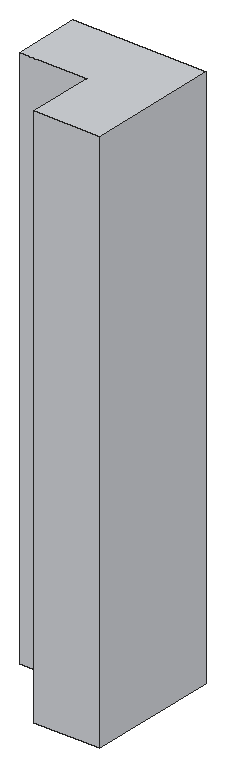
Revit family "Lprofile", category Structural Columns, Revit 2021
Family settings
  Section Shape = Not Defined
  Material for Model Behavior = Other
  Always export as geometry = No
  Beam cutback in plan = From bounding box
  OmniClass Number = 23.25.30.11.14.11
  OmniClass Title = Columns
  Cut with Voids When Loaded = No
  Symbolic Representation = From Family
  Shared = No
  Show family pre-cut in plan views = Yes
Parameters
  Visina [instance] = 2.069574 m
  Structural Material [instance] = none
  Ly2 [instance] = 0.25 m
  Ly1 [instance] = 0.25 m
  Lx 2 [instance] = 0.25 m
  Lx 1 [instance] = 0.25 m
  Lx [instance] = 0.50 m
  Depth = 0.50 m
  Width = 0.50 m
Reference planes (m)
  plane 1 "Center (Front/Back)": y = 0
  plane 2: z = 0
  plane 3 "Center (Left/Right)": x = 0
  plane 4 "Left": x = -0.25
  plane 5 "Right": x = 0.25
  plane 6 "Back": y = 0.25
  plane 7 "Front": y = -0.25
Forms (m)
  Extrusion 1, solid, material <- "Structural Material"
    sketch origin (0, 0, 0) x (1, 0, 0) y (0, 1, 0)
      loop
        line (-0.25, 0.25) -> (-0.25, 0) -> (0, 0) -> (0, -0.25) -> (0.25, -0.25) -> (0.25, 0.25) -> (-0.25, 0.25)
    from 0 to 2.069574
Dimensions and locks (m)
  equal spacing: plane 4 "Left", plane 3 "Center (Left/Right)", plane 5 "Right"
  equal spacing: plane 7 "Front", plane 1 "Center (Front/Back)", plane 6 "Back"
  "Width": plane 4 "Left" to plane 5 "Right"
  "Depth": plane 7 "Front" to plane 6 "Back"
  "Ly1": Extrusion 1 sketch curve to plane 1 "Center (Front/Back)"
  "Ly2": plane 1 "Center (Front/Back)" to Extrusion 1 sketch curve
  "Lx 1": Extrusion 1 sketch curve to plane 3 "Center (Left/Right)"
  "Lx 2": plane 3 "Center (Left/Right)" to Extrusion 1 sketch curve
  level to Extrusion 1 = 1.930426 m
  "Visina": Extrusion 1 to level
  aligned and locked: level to plane 2
Automatic sketch dimensions
  Extrusion 1 sketch curve to plane 3 "Center (Left/Right)" = 0.00 m
  plane 1 "Center (Front/Back)" to Extrusion 1 sketch curve = 0.00 m
